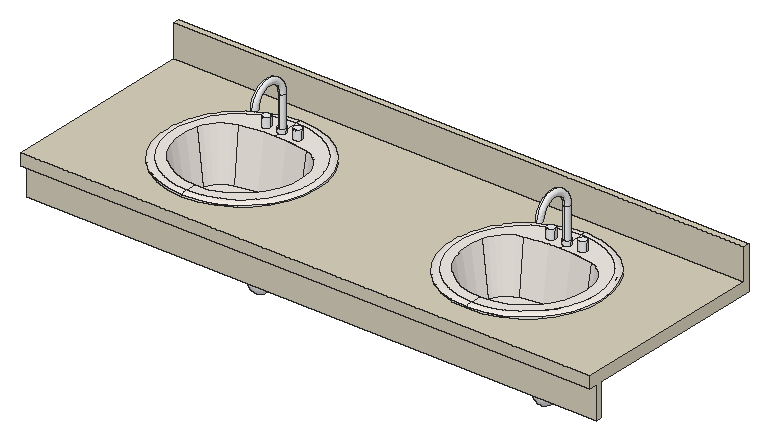
Revit family "Roshoee double", category Casework, Revit 2016
Family settings
  Work Plane-Based = No
  Always vertical = Yes
  Cut with Voids When Loaded = No
  Shared = Yes
  Room Calculation Point = No
Parameters (values of type "25" Deep")
  Width = 0' - 0"
  Sink Location Right [instance] = 1' - 6"
  Assembly Code = "C1030400"
  Counter Thickness = 0' - 1 1/2"
  Counter Top = Casework - Vanity Top
  Depth = 2' - 1"
  Height = 2' - 10"
  Length [instance] = 6' - 0"
  Sink Location Left [instance] = 1' - 6"
  Sink to Back Wall = 0' - 4"
  Sink Opening Width [instance] = 1' - 5"
Reference planes (in)
  plane 1 "Back": y = 0
  plane 2: z = 0
  plane 3 "Left": x = -52.2623
  plane 4 "Right": x = 19.7377
  plane 5 "Front": y = -25
  plane 6 "Top": z = 34
  plane 7: z = 32.5
  plane 8: y = -0.75
  plane 9: z = 38
  plane 10: x = -34.2623
  plane 11: y = -4
  plane 12: x = -25.7623
  plane 13: x = -42.7623
  plane 14: y = -12.5
  plane 15: y = -21
  plane 16: x = 1.7377
  plane 17: x = -6.7623
  plane 18: x = 10.2377
  plane 19: y = -24
  plane 20: y = -23.25
  plane 21: z = 28.5
Forms (in)
  Extrusion 1, solid, material "Casework - Vanity Top" <- "Counter Top"
    sketch origin (0, 0, 0) x (1, 0, 0) y (0, 1, 0)
      loop
        line (-52.2623, 0) -> (-52.2623, -25) -> (19.7377, -25) -> (19.7377, 0) -> (-52.2623, 0)
    from 32.5 to 34
  Extrusion 2, solid, material "Casework - Vanity Top" <- "Counter Top"
    sketch origin (0, 0, 0) x (1, 0, 0) y (0, 1, 0)
      loop
        line (19.7377, 0) -> (-52.2623, 0) -> (-52.2623, -0.75) -> (19.7377, -0.75) -> (19.7377, 0)
    from 34 to 38
  Extrusion 3, void
    sketch origin (0, 0, 0) x (1, 0, 0) y (0, 1, 0)
      loop
        circle (-34.2623, -12.5) r 9
    from 32.5 to 34
  Extrusion 4, void
    sketch origin (27, 0, 0) x (1, 0, 0) y (0, 1, 0)
      loop
        circle (-25.2623, -12.5) r 9
    from 32.5 to 34
  Extrusion 5, solid, material "Casework - Vanity Top" <- "Counter Top"
    sketch origin (0, 0, 0) x (1, 0, 0) y (0, 1, 0)
      loop
        line (-52.2623, -23.25) -> (-52.2623, -24) -> (19.7377, -24) -> (19.7377, -23.25) -> (-52.2623, -23.25)
    from 28.5 to 32.5
Cuts and joins
  Extrusion 3, Extrusion 4 cuts Extrusion 1
  Extrusion 3 cuts Extrusion 2
  joined: Extrusion 1, Extrusion 2, Extrusion 5
Lines and regions (in)
  symbolic lines, style "Counter Top"
    curve 1: line (19.7377, 0, 0) -> (-52.2623, 0, 0)
    curve 2: line (19.7377, -25, 0) -> (19.7377, 0, 0)
    curve 3: line (-52.2623, -25, 0) -> (19.7377, -25, 0)
    curve 4: line (-52.2623, 0, 0) -> (-52.2623, -25, 0)
  symbolic lines, style "Counter Top", detail levels medium+fine
    curve 5: line (-52.2623, -0.75, 0) -> (19.7377, -0.75, 0)
  symbolic lines, style "Sink Opening"
    curve 6: arc (-25.7623, -12.5, 0) -> (-34.2623, -4, 0) -> (-42.7623, -12.5, 0) r 8.5
    curve 7: arc (-42.7623, -12.5, 0) -> (-34.2623, -21, 0) -> (-25.7623, -12.5, 0) r 8.5
    curve 8: arc (10.2377, -12.5, 0) -> (1.7377, -4, 0) -> (-6.7623, -12.5, 0) r 8.5
    curve 9: arc (-6.7623, -12.5, 0) -> (1.7377, -21, 0) -> (10.2377, -12.5, 0) r 8.5
  symbolic lines, style "CaseworkHiddenLines"
    curve 10: line (-52.2623, -17, 27) -> (-52.2623, -25, 27)
    curve 11: line (-52.2623, -25, 32.5) -> (-52.2623, -25, 27)
    curve 12: line (-52.2623, -17, 27) -> (-52.2623, -6, 9)
    curve 13: line (-52.2623, -6, 9) -> (-52.2623, 0, 9)
Dimensions and locks (in)
  "Depth": plane 5 "Front" to plane 1 "Back"
  "Length": plane 3 "Left" to plane 4 "Right"
  "Height": level to plane 6 "Top"
  "Counter Thickness": plane 7 to plane 6 "Top"
  locked: plane 8 to plane 1 "Back" at 0.75
  plane 6 "Top" to plane 9 = 0' - 4"
  "Sink Opening Width": plane 13 to plane 12
  "Sink Location Left": plane 3 "Left" to plane 10
  equal spacing: plane 13, plane 10, plane 12
  "Sink to Back Wall": plane 11 to plane 1 "Back"
  equal spacing: plane 15, plane 14, plane 11
  "Sink Opening Width": plane 15 to plane 11
  "Sink Location Right": plane 16 to plane 4 "Right"
  equal spacing: plane 17, plane 16, plane 18
  "Sink Opening Width": plane 17 to plane 18
  locked: plane 5 "Front" to plane 19 at 1
  locked: plane 19 to plane 20 at 0.75
  locked: plane 7 to plane 21 at 4
  locked: curve 13 to level at 9
  locked: plane 1 "Back" to curve 13 at 6
  locked: curve 12 to plane 5 "Front" at 8
  locked: curve 10 to level at 27
  aligned and locked: plane 1 "Back" to Extrusion 1 sketch curve
  aligned and locked: plane 4 "Right" to Extrusion 1 sketch curve
  aligned and locked: Extrusion 1 sketch curve to plane 5 "Front"
  aligned and locked: Extrusion 1 sketch curve to plane 3 "Left"
  aligned and locked: plane 6 "Top" to Extrusion 1
  aligned and locked: Extrusion 1 to plane 7
  aligned and locked: Extrusion 2 sketch curve to plane 1 "Back"
  aligned and locked: plane 8 to Extrusion 2 sketch curve
  aligned and locked: Extrusion 2 sketch curve to plane 4 "Right"
  aligned and locked: plane 3 "Left" to Extrusion 2 sketch curve
  aligned and locked: Extrusion 2 to plane 9
  aligned and locked: Extrusion 2 to plane 6 "Top"
  aligned and locked: plane 6 "Top" to Extrusion 3
  aligned and locked: Extrusion 1 to Extrusion 3
  aligned and locked: plane 6 "Top" to Extrusion 4
  aligned and locked: Extrusion 1 to Extrusion 4
  aligned and locked: plane 3 "Left" to Extrusion 5 sketch curve
  aligned and locked: Extrusion 5 sketch curve to plane 20
  aligned and locked: plane 19 to Extrusion 5 sketch curve
  aligned and locked: plane 4 "Right" to Extrusion 5 sketch curve
  aligned and locked: plane 7 to Extrusion 5
  aligned and locked: Extrusion 5 to plane 21
  aligned and locked: nested 1 to plane 10
  aligned and locked: nested 1 to plane 14
  aligned and locked: nested 2 to plane 16
  aligned and locked: plane 14 to nested 2
  aligned and locked: nested 1 to cut or joined group of Extrusion 1, Extrusion 2, Extrusion 3, Extrusion 4, Extrusion 5
  aligned and locked: nested 2 to cut or joined group of Extrusion 1, Extrusion 2, Extrusion 3, Extrusion 4, Extrusion 5
Automatic sketch dimensions
  Extrusion 3 sketch curve to plane 14 = 0' - 0"
  Extrusion 3 sketch curve to plane 10 = 0' - 0"
  plane 13 to Extrusion 3 sketch curve = 0' - 0 1/2"
  Extrusion 4 sketch curve to plane 14 = 0' - 0"
  Extrusion 4 sketch curve to plane 16 = 0' - 0"
  plane 17 to Extrusion 4 sketch curve = 0' - 0 1/2"
  curve 3 to plane 3 "Left" = 0' - 0"
  curve 6 to plane 13 = 0' - 0"
  curve 6 to plane 10 = 0' - 0"
  curve 8 to plane 14 = 0' - 0"
  curve 8 to plane 17 = 0' - 0"
  curve 8 to plane 16 = 0' - 0"
  curve 3 to plane 4 "Right" = 0' - 0"
  curve 4 to plane 5 "Front" = 0' - 0"
  curve 6 to plane 14 = 0' - 0"
  curve 5 to plane 8 = 0' - 0"
  curve 1 to plane 1 "Back" = 0' - 0"
  curve 13 to plane 1 "Back" = 0' - 0"
  curve 10 to plane 5 "Front" = 0' - 0"
  curve 11 to plane 6 "Top" = 0' - 1 1/2"
Nested families (in)
  nested 1: "Sink_Vanity_Round" at (-38.06748, -15.85306, 3), type "19" x 19""
    with Top Of Counter 2' - 7"
  nested 2: "Sink_Vanity_Round" at (-2.06748, -15.85306, 3), type "19" x 19""
    with Top Of Counter 2' - 7"
Definition of nested family "Sink_Vanity_Round"
  Parameters
    Assembly Code = "D2010400"
    Basin Material = none
    Faucet Material = none
    Top Of Counter = 2' - 10"
  Reference planes (in)
    plane 1: z = 0
    plane 2 "Center (Left/Right)": x = 3.80519
    plane 3 "Counter Top": z = 34
    plane 4: z = 34.375
    plane 5: x = -5.69481
    plane 6: x = 13.30519
    plane 7: y = 3.35306
    plane 8: y = 12.85306
    plane 9: y = -6.14694
    plane 10: y = 5.36427
    plane 11 "cold": x = 5.80519
    plane 12 "hot": x = 1.80519
    plane 13: y = 9.72806
    plane 14 "sweep": x = 3.80519
    plane 15: y = 9.72806
    plane 16: z = 35.5
    plane 17: z = 27.25
    plane 18: z = 34.875
    plane 19: z = 28
    plane 20 "Drain Outlet": z = 22
  Forms (in)
    Revolve 1, solid, material <- "Basin Material"
      sketch origin (3.80519, 0, 0) x (0, 1, 0) y (0, 0, 1)
        loop
          line (12.85306, 34) -> (12.85306, 34.15625)
          arc (12.85306, 34.15625) -> (12.46659, 34.34741) -> (12.03632, 34.375) r 1.0978
          line (12.03632, 34.375) -> (3.35306, 34.375) -> (3.35306, 27.25) -> (10.92369, 27.25)
          arc (10.92369, 27.25) -> (11.50477, 27.49582) -> (11.733, 28.08403) r 0.80967
          line (11.733, 28.08403) -> (12.38431, 34) -> (12.85306, 34)
        axis (3.35306, 34.375) -> (3.35306, 27.25)
      angle from 0 to 360
    Extrusion 2, solid, material <- "Faucet Material"
      sketch origin (0, 0, 0) x (1, 0, 0) y (0, 1, 0)
        loop
          circle (5.80519, 9.72806) r 0.5
      from 35.5 to 34.375
    Extrusion 3, solid, material <- "Faucet Material"
      sketch origin (-4, 0, 0) x (1, 0, 0) y (0, 1, 0)
        loop
          circle (5.80519, 9.72806) r 0.5
      from 35.5 to 34.375
    Extrusion 4, solid, material <- "Faucet Material"
      sketch origin (-2, 0, 0) x (1, 0, 0) y (0, 1, 0)
        loop
          circle (5.80519, 9.72806) r 0.5
      from 34.375 to 34.875
    Sweep 5, solid, material <- "Faucet Material"
      path origin (3.80519, 0, 0) x (0, -1, 0) y (0, 0, 1)
        loop
          line (-9.72806, 34.375) -> (-9.72806, 38.8125)
          arc (-9.72806, 38.8125) -> (-7.54617, 40.99439) -> (-5.36427, 38.8125) r 2.18189
      profile origin (3.80519, 0, 36.59375) x (0, 1, 0) y (-1, 0, 0)
        loop
          circle (9.72806, 0) r 0.375
    Blend 6, void
      base sketch origin (0, 0, 0) x (1, 0, 0) y (0, 1, 0)
        loop
          arc (-0.47134, 8.11136) -> (-2.317, 7.07879) -> (-3.37817, 5.24944) r 4
          arc (-3.37817, 5.24944) -> (3.80519, -4.0764) -> (10.98854, 5.24944) r 7.42946
          arc (10.98854, 5.24944) -> (9.92737, 7.07879) -> (8.08172, 8.11136) r 4
          arc (8.08172, 8.11136) -> (3.80519, 8.63253) -> (-0.47134, 8.11136) r 17.80642
      top sketch origin (0, 0, 0) x (1, 0, 0) y (0, 1, 0)
        loop
          arc (-0.23118, 7.14063) -> (-1.61542, 6.3662) -> (-2.4113, 4.99419) r 3
          arc (-2.4113, 4.99419) -> (3.80519, -3.0764) -> (10.02167, 4.99419) r 6.42946
          arc (10.02167, 4.99419) -> (9.22579, 6.3662) -> (7.84155, 7.14063) r 3
          arc (7.84155, 7.14063) -> (3.80519, 7.63253) -> (-0.23118, 7.14063) r 16.80642
      from 34.375 to 28
    Sweep 7, solid, material <- "Faucet Material"
      path origin (3.80519, 0, 0) x (0, 1, 0) y (0, 0, 1)
        loop
          line (5.35306, 27.25) -> (5.35306, 19.75)
          arc (5.35306, 19.75) -> (6.85306, 18.25) -> (8.35306, 19.75) r 1.5
          line (8.35306, 19.75) -> (8.35306, 20)
          arc (8.35306, 20) -> (8.93885, 21.41421) -> (10.35306, 22) r 2
          line (10.35306, 22) -> (15.85306, 22)
      profile origin (3.80519, 5.35306, 23.5) x (1, 0, 0) y (0, 1, 0)
        loop
          circle (0, 0) r 0.75
  Cuts and joins
    joined: Extrusion 4, Sweep 5
    Blend 6 cuts Revolve 1
  Lines and regions (in)
    symbolic lines
      curve 1: arc (13.30519, 3.35306, 0) -> (3.80519, 12.85306, 0) -> (-5.69481, 3.35306, 0) r 9.5
      curve 2: arc (-5.69481, 3.35306, 0) -> (3.80519, -6.14694, 0) -> (13.30519, 3.35306, 0) r 9.5
      curve 3: arc (4.61769, 3.35306, 0) -> (3.80519, 4.16556, 0) -> (2.99269, 3.35306, 0) r 0.8125
      curve 4: arc (2.99269, 3.35306, 0) -> (3.80519, 2.54056, 0) -> (4.61769, 3.35306, 0) r 0.8125
      curve 5: arc (6.30519, 9.72806, 0) -> (5.80519, 10.22806, 0) -> (5.30519, 9.72806, 0) r 0.5
      curve 6: arc (5.30519, 9.72806, 0) -> (5.80519, 9.22806, 0) -> (6.30519, 9.72806, 0) r 0.5
      curve 7: arc (4.18019, 9.72806, 0) -> (3.80519, 10.10306, 0) -> (3.43019, 9.72806, 0) r 0.375
      curve 8: arc (2.30519, 9.72806, 0) -> (1.80519, 10.22806, 0) -> (1.30519, 9.72806, 0) r 0.5
      curve 9: arc (1.30519, 9.72806, 0) -> (1.80519, 9.22806, 0) -> (2.30519, 9.72806, 0) r 0.5
      curve 10: line (3.43019, 9.72806, 0) -> (3.43019, 5.36427, 0)
      curve 11: line (4.18019, 9.72806, 0) -> (4.18019, 5.36427, 0)
      curve 12: arc (3.43019, 5.36427, 0) -> (3.80519, 4.98927, 0) -> (4.18019, 5.36427, 0) r 0.375
      curve 13: arc (-3.37817, 5.24944, 0) -> (-2.317, 7.07879, 0) -> (-0.47134, 8.11136, 0) r 4
      curve 14: arc (8.08172, 8.11136, 0) -> (3.80519, 8.63253, 0) -> (-0.47134, 8.11136, 0) r 17.80642
      curve 15: arc (10.98854, 5.24944, 0) -> (9.92737, 7.07879, 0) -> (8.08172, 8.11136, 0) r 4
      curve 16: arc (-3.37817, 5.24944, 0) -> (3.80519, -4.0764, 0) -> (10.98854, 5.24944, 0) r 7.42946
  Dimensions and locks (in)
    locked: plane 4 to plane 3 "Counter Top" at 0.375
    locked: plane 5 to plane 2 "Center (Left/Right)" at 9.5
    locked: plane 2 "Center (Left/Right)" to plane 6 at 9.5
    locked: plane 7 to plane 8 at 9.5
    locked: plane 9 to plane 7 at 9.5
    plane 1 to plane 3 "Counter Top" = 2' - 10"
    locked: plane 12 "hot" to plane 2 "Center (Left/Right)" at 2
    locked: plane 2 "Center (Left/Right)" to plane 11 "cold" at 2
    locked: plane 13 to plane 8 at 3.125
    "Top Of Counter": plane 3 "Counter Top" to plane 1
    locked: plane 16 to plane 3 "Counter Top" at 1.5
    locked: plane 3 "Counter Top" to plane 17 at 6.75
    locked: plane 18 to plane 4 at 0.5
    locked: plane 19 to plane 17 at 0.75
    locked: plane 3 "Counter Top" to plane 20 "Drain Outlet" at 12
    locked: plane 8 to Sweep 7 sketch curve at 7.5
    locked: plane 20 "Drain Outlet" to Sweep 7 sketch curve at 3.75
    locked: Sweep 7 sketch curve to Sweep 7 sketch curve at 3
    locked: plane 10 to plane 8 at 7.48879
    locked: Sweep 7 sketch curve to plane 8 at 3
    aligned and locked: plane 16 to Extrusion 2
    aligned and locked: plane 4 to Extrusion 2
    aligned and locked: Extrusion 2 to Extrusion 3
    aligned and locked: plane 4 to Extrusion 3
    aligned and locked: Revolve 1 sketch curve to plane 17
    aligned and locked: Extrusion 4 to plane 18
    aligned and locked: plane 4 to Extrusion 4
    aligned and locked: plane 19 to Blend 6
    aligned and locked: plane 4 to Blend 6
  Automatic sketch dimensions
    Extrusion 2 sketch curve to plane 13 = 0' - 0"
    Extrusion 2 sketch curve to plane 11 "cold" = 0' - 0"
    Extrusion 2 sketch curve to Extrusion 2 sketch curve = 0' - 0 1/2"
    Extrusion 3 sketch curve to Extrusion 3 sketch curve = 0' - 0 1/2"
    Extrusion 3 sketch curve to plane 13 = 0' - 0"
    Extrusion 3 sketch curve to plane 11 "cold" = 0' - 4"
    Extrusion 4 sketch curve to Extrusion 4 sketch curve = 0' - 0 1/2"
    Extrusion 4 sketch curve to plane 13 = 0' - 0"
    Extrusion 4 sketch curve to plane 11 "cold" = 0' - 2"
    Sweep 5 sketch curve to plane 13 = 0' - 0"
    Sweep 5 sketch curve to plane 10 = 0' - 0"
    Sweep 5 sketch curve to plane 4 = 0' - 0"
    Sweep 5 sketch curve to plane 3 "Counter Top" = 0' - 4 13/16"
    Sweep 5 sketch curve to plane 14 "sweep" = 0' - 0"
    Sweep 5 sketch curve to profile plane = 0' - 0"
    profile plane to Sweep 5 sketch curve = 0' - 0 3/8"
    Revolve 1 sketch curve to plane 7 = 0' - 0"  (x2)
    Revolve 1 sketch curve to level = 0' - 0"
    Revolve 1 sketch curve to plane 4 = 0' - 0"  (x2)
    Revolve 1 sketch curve to plane 3 "Counter Top" = 0' - 0"
    Revolve 1 sketch curve to plane 8 = 0' - 0"
    plane 8 to Revolve 1 sketch curve = 0' - 1.92937"
    Revolve 1 sketch curve to Revolve 1 sketch curve = 0' - 0.8093"
    plane 8 to Revolve 1 sketch curve = 0' - 0.81674"
    Revolve 1 sketch curve to Revolve 1 sketch curve = 0' - 0.67048"
    plane 8 to Revolve 1 sketch curve = 0' - 0 15/32"
    Revolve 1 sketch curve to Revolve 1 sketch curve = 0' - 0.80967"
    Revolve 1 sketch curve to Revolve 1 sketch curve = 0' - 0.71301"
    curve 2 to plane 5 = 0' - 0"
    curve 9 to plane 13 = 0' - 0"
    curve 9 to plane 12 "hot" = 0' - 0"
    curve 3 to plane 7 = 0' - 0"
    curve 10 to plane 13 = 0' - 0"
    curve 12 to plane 10 = 0' - 0"
    curve 12 to plane 2 "Center (Left/Right)" = 0' - 0"
    curve 4 to plane 2 "Center (Left/Right)" = 0' - 0"
    curve 1 to plane 2 "Center (Left/Right)" = 0' - 0"
    curve 6 to plane 13 = 0' - 0"
    curve 6 to plane 11 "cold" = 0' - 0"
    curve 2 to plane 7 = 0' - 0"
    curve 9 to curve 8 = 0' - 0 1/2"
    curve 3 to plane 2 "Center (Left/Right)" = 0' - 0 13/16"
    curve 10 to plane 2 "Center (Left/Right)" = 0' - 0 3/8"
    curve 6 to curve 5 = 0' - 0 1/2"
    plane 10 to Blend 6 sketch curve = 0' - 0.11484"  (x2)
    Blend 6 sketch curve to plane 7 = 0' - 0.87537"
    Blend 6 sketch curve to plane 2 "Center (Left/Right)" = 0' - 0"  (x4)
    Blend 6 sketch curve to Blend 6 sketch curve = 0' - 0"  (x8)
    plane 13 to Blend 6 sketch curve = 0' - 1.6167"
    plane 11 "cold" to Blend 6 sketch curve = 0' - 1.31586"
    Blend 6 sketch curve to plane 7 = 0' - 0"  (x2)
    Blend 6 sketch curve to plane 12 "hot" = 0' - 1.31586"
    Blend 6 sketch curve to plane 10 = 0' - 1.77635"
    plane 10 to Blend 6 sketch curve = 0' - 0.37009"  (x2)
    Blend 6 sketch curve to Blend 6 sketch curve = 0' - 0.7205"
    Sweep 7 sketch curve to plane 2 "Center (Left/Right)" = 0' - 0"
    Sweep 7 sketch curve to profile plane = 0' - 0"
    Sweep 7 sketch curve to plane 20 "Drain Outlet" = 0' - 0"
    Sweep 7 sketch curve to plane 17 = 0' - 0"
    Sweep 7 sketch curve to plane 13 = 0' - 0 5/8"
    radius of Sweep 7 sketch curve = 0' - 0 3/4"
